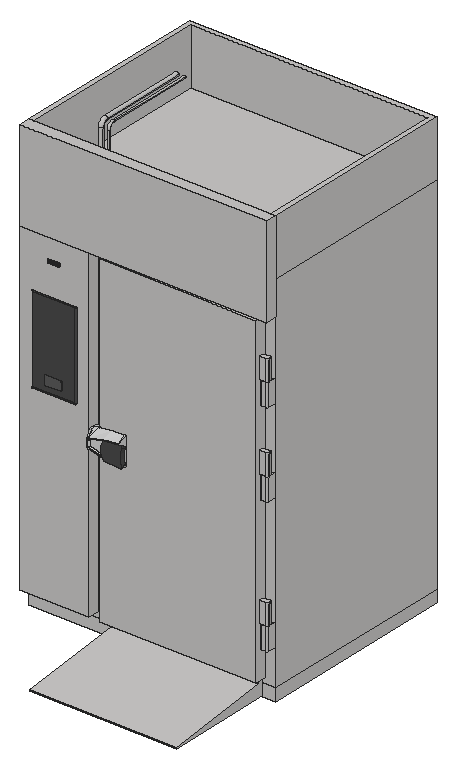
Revit family "QF_ZANUSSI_110561_ZBFA22RFE", category Specialty Equipment, Revit 2018
Family settings
  Round Connector Dimension = Use Diameter
  Part Type = Normal
  Work Plane-Based = No
  Always vertical = Yes
  Cut with Voids When Loaded = No
  Shared = Yes
  Room Calculation Point = No
Parameters
  Weight = 0.00 kg
  Watts = 209.032 W
  Volts = 380 V
  URL Manufacturer = "http://www.zanussiprofessional.com"
  URL = "http://www.zanussiprofessional.com"
  Steam Supply Size = 0"
  Steam Supply Minimum Pressure = 0.00 psi
  Steam Supply Maximum Pressure = 0.00 psi
  Steam Pounds per Hour = 0
  Show Logo [instance] = yes
  Refrigeration Suction Line Size = 0"
  Refrigeration Liquid Line Size = 0"
  Refrigerant Compressor Remote = yes
  Phase = 3
  Model = "ZBFA22RFE"
  Manufacturer = "Zanussi"
  Length Actual = 1400 mm  # constant formula
  Item Number = "110561"
  Hot Water Size = 0"
  Height Actual = 2340 mm  # constant formula
  HP = "3 HP"
  Gas Size = 0"
  Gas KW = 0
  Gas Input Pressure = 0.0 Btu/h
  Description = "RAPIDO BLAST CHILLER FREEZER 200/170KG 20 GN 2/1 - INSULATED FLOOR - RAMP - REMOTE REFIGERATING UNIT"
  Depth Actual = 1266 mm  # constant formula
  Cycle = 60 Hz
  Condensate Return Size = 0"
  Compressed Air Volume = 0 GPM
  Compressed Air Size = 0"
  Compressed Air Pressure = 0.00 psi
  Cold Water Size = 0"
  Assembly Code = ""
  Show Clearance [instance] = yes
  Accessory = yes
Reference planes
  plane 1 "BACK": y = 1
  plane 2: z = 0
  plane 3 "LEFT": x = 0
  plane 4 "RIGHT": x = 1400
  plane 5 "FRONT": y = -1205
  plane 6 "TOP": z = 2470
  plane 7 "Center Y": x = 700
  plane 8 "Center X": y = -602
  plane 9: y = -2155
Forms (mm)
  Extrusion 1, solid, material "QF_Clearance", visible <- "Show Clearance", detail levels coarse
    sketch origin (0, 0, 0) x (1, 0, 0) y (0, 1, 0)
      loop
        line (0, -1205) -> (0, 1) -> (1400, 1) -> (1400, -1205) -> (1500, -1205) -> (1500, 101) -> (-100, 101) -> (-100, -1205) -> (0, -1205)
    from 0 to 2670
  Extrusion 2, solid, material "QF_Finishes_Stainless Steel"
    sketch origin (349.253, 33, 700.991) x (-1, 0, 0) y (0, -1, 0)
      loop
        line (349.253, 1172.759) -> (349.253, 1238) -> (-39.747, 1238) -> (-39.747, 1172.759) -> (349.253, 1172.759)
    from -597 to 1254
  Extrusion 3, solid, material "QF_Finishes_Stainless Steel"
    sketch origin (596.16, 27.971, 0) x (1, 0, 0) y (0, 1, 0)
      loop
        line (743.84, -1172.971) -> (-141.16, -1172.971) -> (-141.16, -1232.971) -> (743.84, -1232.971) -> (743.84, -1172.971)
    from 103.991 to 1945.25
  Extrusion 4, solid, material "QF_Door-Drawer Clearances", visible <- "Show Clearance", detail levels coarse
    sketch origin (875, -72.029, -21.802) x (-1, 0, 0) y (0, -1, 0)
      loop
        line (-465, 2025.971) -> (-465, 1132.971) -> (420, 1132.971)
        arc (420, 1132.971) -> (153.836, 1754.227) -> (-465, 2025.971) r 920
    from 125.793 to 1967.052
  Extrusion 5, solid, material "QF_Finishes_Stainless Steel"
    sketch origin (0, 0, 0) x (0, 1, 0) y (0, 0, 1)
      loop
        line (-1158.451, 70.453) -> (-1741.451, 1.966) -> (-1741.451, 0) -> (-1158.451, 0) -> (-1158.451, 70.453)
    from 485 to 1320
  Extrusion 6, solid, material "QF_Finishes_Stainless Steel"
    sketch origin (0, 0, 0) x (0, 1, 0) y (0, 0, 1)
      loop
        line (-1139, 70) -> (-1139, 0) -> (1, 0) -> (1, 70) -> (-1139, 70)
    from 0 to 1400
  Extrusion 7, solid, material "QF_Finishes_Stainless Steel"
    sketch origin (0, -1139.759, 70) x (0, 1, 0) y (-1, 0, 0)
      loop
        line (1140.759, 0) -> (0.759, 0) -> (0.759, -1400) -> (1140.759, -1400) -> (1140.759, 0)
    from 0 to 2080
  Extrusion 8, solid, material "QF_Finishes_Stainless Steel"
    sketch origin (0, 0, 0) x (0, 1, 0) y (0, 0, 1)
      loop
        line (-1139, 2470) -> (-1205, 2470) -> (-1205, 1956) -> (-1139, 1956) -> (-1139, 2470)
    from 0 to 1400
  Extrusion 9, solid, material "QF_Finishes_Stainless Steel"
    sketch origin (0, -1139.759, 2150) x (0, 1, 0) y (-1, 0, 0)
      loop
        line (1140.759, 0) -> (0.759, 0) -> (0.759, -27.807) -> (1112.952, -27.807) -> (1112.952, -1372.193) -> (0.759, -1372.193) -> (0.759, -1400) -> (1140.759, -1400) -> (1140.759, 0)
    from 0 to 320
  Extrusion 10, solid, material "QF_Finishes_Stainless Steel"
    sketch origin (0, 0, 0) x (0, 1, 0) y (0, 0, 1)
      loop
        line (-1139, 92) -> (-1158.451, 92) -> (-1158.451, 0) -> (-1139, 0) -> (-1139, 92)
    from 485 to 1320
  Extrusion 11, solid, material "QF_Clearance", visible <- "Show Clearance", detail levels coarse
    sketch origin (0, 0, 2470) x (-1, 0, 0) y (0, -1, 0)
      loop
        line (0, 1205) -> (-1400, 1205) -> (-1400, -1) -> (0, -1) -> (0, 1205)
    from 0 to 200
  Extrusion 12, solid, material "QF_Finishes_Stainless Steel"
    sketch origin (-390.239, -0.977, 1242.559) x (1, 0, 0) y (0, 1, 0)
      loop
        line (1730.239, -1159.557) -> (1730.239, -1186.759) -> (1771.078, -1186.759)
        arc (1771.078, -1186.759) -> (1778.149, -1183.83) -> (1781.078, -1176.759) r 10
        line (1781.078, -1176.759) -> (1781.078, -1169.557)
        arc (1781.078, -1169.557) -> (1778.149, -1162.486) -> (1771.078, -1159.557) r 10
        line (1771.078, -1159.557) -> (1730.239, -1159.557)
    from 398 to 516
  Extrusion 13, solid, material "QF_Finishes_Stainless Steel"
    sketch origin (-388.989, -0.977, 1242.559) x (1, 0, 0) y (0, 1, 0)
      loop
        line (1779.828, -1138.023) -> (1738.215, -1138.023) -> (1738.215, -1176.759)
        arc (1738.215, -1176.759) -> (1741.143, -1183.83) -> (1748.215, -1186.759) r 10
        line (1748.215, -1186.759) -> (1769.828, -1186.759)
        arc (1769.828, -1186.759) -> (1776.899, -1183.83) -> (1779.828, -1176.759) r 10
        line (1779.828, -1176.759) -> (1779.828, -1138.023)
    from 269 to 396
  Extrusion 14, solid, material "QF_Finishes_Handrails and Railings"
    sketch origin (0, -1205, -69.705) x (-1, 0, 0) y (0, 0, 1)
      loop
        arc (-455, 1022.346) -> (-433.392, 1027.289) -> (-413, 1035.976) r 124.815
        arc (-413, 1035.976) -> (-402.037, 1046.425) -> (-398, 1061.023) r 28.412
        line (-398, 1061.023) -> (-398, 1124.287)
        arc (-398, 1124.287) -> (-402.037, 1138.885) -> (-413, 1149.334) r 28.412
        arc (-413, 1149.334) -> (-433.392, 1158.021) -> (-455, 1162.964) r 124.815
        line (-455, 1162.964) -> (-455, 1022.346)
    from 0 to 25
  Extrusion 15, solid, material "QF_Finishes_Stainless Steel"
    sketch origin (0, 1, 0) x (1, 0, 0) y (0, 0, 1)
      loop
        circle (50.191, 2279.706) r 10
    from -2 to 0
  Extrusion 16, solid
    sketch origin (0, 0, 0) x (1, 0, 0) y (0, 1, 0)
      loop
        circle (271, -895) r 12.7
    from 180 to 190
  Sweep 17, solid, material "QF_Finishes_Stainless Steel"
    path in 3D
      loop
        line (196, -872.727, 2160) -> (196, -872.727, 2384.785)
        arc (196, -872.727, 2384.785) -> (196, -863.94, 2405.999) -> (196, -842.727, 2414.785) r 30
        line (196, -842.727, 2414.785) -> (196, -337, 2414.785)
    profile origin (196, -589.864, 2414.785) x (-1, 0, 0) y (0, 0, 1)
      loop
        circle (0, -0.785) r 11
  Sweep 18, solid, material "QF_Finishes_Stainless Steel"
    path in 3D
      loop
        line (239, -337, 2414) -> (239, -842.727, 2414)
        arc (239, -842.727, 2414) -> (239, -863.94, 2405.213) -> (239, -872.727, 2384) r 30
        line (239, -872.727, 2384) -> (239, -872.727, 2160)
    profile origin (239, -589.864, 2414) x (1, 0, 0) y (0, 0, 1)
      loop
        circle (0, 0) r 6
  Extrusion 19, solid, material "QF_Finishes_Stainless Steel"
    sketch origin (0, -1139.759, 2150) x (0, 1, 0) y (-1, 0, 0)
      loop
        line (272.791, -163.68) -> (262.791, -163.68)
        arc (262.791, -163.68) -> (252.185, -168.074) -> (247.791, -178.68) r 15
        line (247.791, -178.68) -> (247.791, -270.358)
        arc (247.791, -270.358) -> (252.185, -280.965) -> (262.791, -285.358) r 15
        line (262.791, -285.358) -> (272.791, -285.358)
        arc (272.791, -285.358) -> (283.398, -280.965) -> (287.791, -270.358) r 15
        line (287.791, -270.358) -> (287.791, -178.68)
        arc (287.791, -178.68) -> (283.398, -168.074) -> (272.791, -163.68) r 15
    from 0 to 10
  Blend 20, solid, material "QF_Finishes_Handrails and Railings"
    base sketch origin (0, -1205, -69.705) x (1, 0, 0) y (0, 0, 1)
      loop
        arc (455, 1162.964) -> (433.392, 1158.021) -> (413, 1149.334) r 124.815
        arc (413, 1149.334) -> (402.037, 1138.885) -> (398, 1124.287) r 28.412
        line (398, 1124.287) -> (398, 1061.023)
        arc (398, 1061.023) -> (402.037, 1046.425) -> (413, 1035.976) r 28.412
        arc (413, 1035.976) -> (433.392, 1027.289) -> (455, 1022.346) r 124.815
        arc (455, 1022.346) -> (524.77, 1014.896) -> (594.859, 1011.587) r 1185.63
        arc (594.859, 1011.587) -> (600.607, 1013.879) -> (603, 1019.586) r 8
        line (603, 1019.586) -> (603, 1165.724)
        arc (603, 1165.724) -> (600.607, 1171.431) -> (594.859, 1173.723) r 8
        arc (594.859, 1173.723) -> (524.77, 1170.414) -> (455, 1162.964) r 1185.63
    top sketch origin (0, -1205, -69.705) x (1, 0, 0) y (0, 0, 1)
      loop
        line (421, 1108.337) -> (421, 1076.973)
        arc (421, 1076.973) -> (423.295, 1069.915) -> (429.302, 1065.557) r 12
        arc (429.302, 1065.557) -> (515.086, 1044.22) -> (603, 1034.974) r 636.459
        line (603, 1034.974) -> (603, 1150.336)
        arc (603, 1150.336) -> (515.086, 1141.09) -> (429.302, 1119.753) r 636.459
        arc (429.302, 1119.753) -> (423.295, 1115.395) -> (421, 1108.337) r 12
    from 0 to 50
  Blend 21, void
    base sketch origin (0, -1255, -69.705) x (-1, 0, 0) y (0, 0, 1)
      loop
        arc (-430.843, 1114.996) -> (-515.866, 1136.151) -> (-603, 1145.333) r 631.459
        line (-603, 1145.333) -> (-603, 1039.977)
        arc (-603, 1039.977) -> (-515.866, 1049.159) -> (-430.843, 1070.314) r 631.459
        arc (-430.843, 1070.314) -> (-427.339, 1072.856) -> (-426, 1076.973) r 7
        line (-426, 1076.973) -> (-426, 1108.337)
        arc (-426, 1108.337) -> (-427.339, 1112.454) -> (-430.843, 1114.996) r 7
    top sketch origin (0, -1255, -69.705) x (-1, 0, 0) y (0, 0, 1)
      loop
        arc (-432.384, 1110.24) -> (-516.647, 1131.211) -> (-603, 1140.33) r 626.459
        line (-603, 1140.33) -> (-603, 1044.98)
        arc (-603, 1044.98) -> (-516.647, 1054.099) -> (-432.384, 1075.07) r 626.459
        arc (-432.384, 1075.07) -> (-431.382, 1075.797) -> (-431, 1076.973) r 2
        line (-431, 1076.973) -> (-431, 1108.337)
        arc (-431, 1108.337) -> (-431.382, 1109.513) -> (-432.384, 1110.24) r 2
    from 0 to 10
  Blend 22, solid, material "QF_Finishes_Black"
    base sketch origin (0, -1245, -69.705) x (1, 0, 0) y (0, 0, 1)
      loop
        arc (628.567, 1043.419) -> (622.014, 1092.655) -> (628.567, 1141.89) r 188.232
        arc (628.567, 1141.89) -> (627.358, 1147.991) -> (621.77, 1150.721) r 7
        arc (621.77, 1150.721) -> (572.304, 1148.509) -> (523.16, 1142.458) r 636.459
        arc (523.16, 1142.458) -> (507.711, 1092.655) -> (523.16, 1042.852) r 88
        arc (523.16, 1042.852) -> (572.304, 1036.801) -> (621.77, 1034.589) r 636.459
        arc (621.77, 1034.589) -> (627.358, 1037.319) -> (628.567, 1043.419) r 7
    top sketch origin (0, -1245, -69.705) x (1, 0, 0) y (0, 0, 1)
      loop
        arc (626.748, 1050.703) -> (622.014, 1092.655) -> (626.748, 1134.607) r 188.232
        arc (626.748, 1134.607) -> (625.775, 1138.85) -> (621.845, 1140.722) r 5
        arc (621.845, 1140.722) -> (569.023, 1138.185) -> (516.603, 1131.203) r 626.459
        arc (516.603, 1131.203) -> (507.711, 1092.655) -> (516.603, 1054.107) r 88
        arc (516.603, 1054.107) -> (569.023, 1047.124) -> (621.845, 1044.588) r 626.459
        arc (621.845, 1044.588) -> (625.775, 1046.46) -> (626.748, 1050.703) r 5
    from 20 to 0
  Extrusion 23, solid, material "QF_Finishes_Stainless Steel"
    sketch origin (-390.239, -0.977, 762.559) x (1, 0, 0) y (0, 1, 0)
      loop
        line (1730.239, -1159.557) -> (1730.239, -1186.759) -> (1771.078, -1186.759)
        arc (1771.078, -1186.759) -> (1778.149, -1183.83) -> (1781.078, -1176.759) r 10
        line (1781.078, -1176.759) -> (1781.078, -1169.557)
        arc (1781.078, -1169.557) -> (1778.149, -1162.486) -> (1771.078, -1159.557) r 10
        line (1771.078, -1159.557) -> (1730.239, -1159.557)
    from 398 to 516
  Extrusion 24, solid, material "QF_Finishes_Stainless Steel"
    sketch origin (-388.989, -0.977, 762.559) x (1, 0, 0) y (0, 1, 0)
      loop
        line (1779.828, -1138.023) -> (1738.215, -1138.023) -> (1738.215, -1176.759)
        arc (1738.215, -1176.759) -> (1741.143, -1183.83) -> (1748.215, -1186.759) r 10
        line (1748.215, -1186.759) -> (1769.828, -1186.759)
        arc (1769.828, -1186.759) -> (1776.899, -1183.83) -> (1779.828, -1176.759) r 10
        line (1779.828, -1176.759) -> (1779.828, -1138.023)
    from 269 to 396
  Extrusion 25, solid, material "QF_Finishes_Stainless Steel"
    sketch origin (-390.239, -0.977, 2.559) x (1, 0, 0) y (0, 1, 0)
      loop
        line (1730.239, -1159.557) -> (1730.239, -1186.759) -> (1771.078, -1186.759)
        arc (1771.078, -1186.759) -> (1778.149, -1183.83) -> (1781.078, -1176.759) r 10
        line (1781.078, -1176.759) -> (1781.078, -1169.557)
        arc (1781.078, -1169.557) -> (1778.149, -1162.486) -> (1771.078, -1159.557) r 10
        line (1771.078, -1159.557) -> (1730.239, -1159.557)
    from 398 to 516
  Extrusion 26, solid, material "QF_Finishes_Stainless Steel"
    sketch origin (-388.989, -0.977, 2.559) x (1, 0, 0) y (0, 1, 0)
      loop
        line (1779.828, -1138.023) -> (1738.215, -1138.023) -> (1738.215, -1176.759)
        arc (1738.215, -1176.759) -> (1741.143, -1183.83) -> (1748.215, -1186.759) r 10
        line (1748.215, -1186.759) -> (1769.828, -1186.759)
        arc (1769.828, -1186.759) -> (1776.899, -1183.83) -> (1779.828, -1176.759) r 10
        line (1779.828, -1176.759) -> (1779.828, -1138.023)
    from 269 to 396
  Extrusion 27, solid, material "QF_Door-Drawer Clearances", visible <- "Show Clearance", detail levels coarse
    sketch origin (167.029, -1956.84, 0) x (0, 1, 0) y (-1, 0, 0)
      loop
        line (751.84, -1172.971) -> (-141.16, -1172.971) -> (-141.16, -1232.971) -> (751.84, -1232.971) -> (751.84, -1172.971)
    from 103.991 to 1945.25
  Extrusion 28, solid, material "QF_Door-Drawer Clearances", visible <- "Show Clearance", detail levels coarse
    sketch origin (1400, -2553, -69.705) x (0, -1, 0) y (0, 0, 1)
      loop
        arc (-455, 1022.346) -> (-433.392, 1027.289) -> (-413, 1035.976) r 124.815
        arc (-413, 1035.976) -> (-402.037, 1046.425) -> (-398, 1061.023) r 28.412
        line (-398, 1061.023) -> (-398, 1124.287)
        arc (-398, 1124.287) -> (-402.037, 1138.885) -> (-413, 1149.334) r 28.412
        arc (-413, 1149.334) -> (-433.392, 1158.021) -> (-455, 1162.964) r 124.815
        line (-455, 1162.964) -> (-455, 1022.346)
    from 0 to 25
  Blend 29, solid, material "QF_Door-Drawer Clearances", visible <- "Show Clearance", detail levels coarse
    base sketch origin (1400, -2553, -69.705) x (0, 1, 0) y (0, 0, 1)
      loop
        arc (455, 1162.964) -> (433.392, 1158.021) -> (413, 1149.334) r 124.815
        arc (413, 1149.334) -> (402.037, 1138.885) -> (398, 1124.287) r 28.412
        line (398, 1124.287) -> (398, 1061.023)
        arc (398, 1061.023) -> (402.037, 1046.425) -> (413, 1035.976) r 28.412
        arc (413, 1035.976) -> (433.392, 1027.289) -> (455, 1022.346) r 124.815
        arc (455, 1022.346) -> (524.77, 1014.896) -> (594.859, 1011.587) r 1185.63
        arc (594.859, 1011.587) -> (600.607, 1013.879) -> (603, 1019.586) r 8
        line (603, 1019.586) -> (603, 1165.724)
        arc (603, 1165.724) -> (600.607, 1171.431) -> (594.859, 1173.723) r 8
        arc (594.859, 1173.723) -> (524.77, 1170.414) -> (455, 1162.964) r 1185.63
    top sketch origin (1400, -2553, -69.705) x (0, 1, 0) y (0, 0, 1)
      loop
        line (421, 1108.337) -> (421, 1076.973)
        arc (421, 1076.973) -> (423.295, 1069.915) -> (429.302, 1065.557) r 12
        arc (429.302, 1065.557) -> (515.086, 1044.22) -> (603, 1034.974) r 636.459
        line (603, 1034.974) -> (603, 1150.336)
        arc (603, 1150.336) -> (515.086, 1141.09) -> (429.302, 1119.753) r 636.459
        arc (429.302, 1119.753) -> (423.295, 1115.395) -> (421, 1108.337) r 12
    from 0 to 50
  Blend 30, void
    base sketch origin (1450, -2553, -69.705) x (0, -1, 0) y (0, 0, 1)
      loop
        arc (-430.843, 1114.996) -> (-515.866, 1136.151) -> (-603, 1145.333) r 631.459
        line (-603, 1145.333) -> (-603, 1039.977)
        arc (-603, 1039.977) -> (-515.866, 1049.159) -> (-430.843, 1070.314) r 631.459
        arc (-430.843, 1070.314) -> (-427.339, 1072.856) -> (-426, 1076.973) r 7
        line (-426, 1076.973) -> (-426, 1108.337)
        arc (-426, 1108.337) -> (-427.339, 1112.454) -> (-430.843, 1114.996) r 7
    top sketch origin (1450, -2553, -69.705) x (0, -1, 0) y (0, 0, 1)
      loop
        arc (-432.384, 1110.24) -> (-516.647, 1131.211) -> (-603, 1140.33) r 626.459
        line (-603, 1140.33) -> (-603, 1044.98)
        arc (-603, 1044.98) -> (-516.647, 1054.099) -> (-432.384, 1075.07) r 626.459
        arc (-432.384, 1075.07) -> (-431.382, 1075.797) -> (-431, 1076.973) r 2
        line (-431, 1076.973) -> (-431, 1108.337)
        arc (-431, 1108.337) -> (-431.382, 1109.513) -> (-432.384, 1110.24) r 2
    from 0 to 10
  Blend 31, solid, material "QF_Door-Drawer Clearances", visible <- "Show Clearance", detail levels coarse
    base sketch origin (1440, -2553, -69.705) x (0, 1, 0) y (0, 0, 1)
      loop
        arc (628.567, 1043.419) -> (622.014, 1092.655) -> (628.567, 1141.89) r 188.232
        arc (628.567, 1141.89) -> (627.358, 1147.991) -> (621.77, 1150.721) r 7
        arc (621.77, 1150.721) -> (572.304, 1148.509) -> (523.16, 1142.458) r 636.459
        arc (523.16, 1142.458) -> (507.711, 1092.655) -> (523.16, 1042.852) r 88
        arc (523.16, 1042.852) -> (572.304, 1036.801) -> (621.77, 1034.589) r 636.459
        arc (621.77, 1034.589) -> (627.358, 1037.319) -> (628.567, 1043.419) r 7
    top sketch origin (1440, -2553, -69.705) x (0, 1, 0) y (0, 0, 1)
      loop
        arc (626.748, 1050.703) -> (622.014, 1092.655) -> (626.748, 1134.607) r 188.232
        arc (626.748, 1134.607) -> (625.775, 1138.85) -> (621.845, 1140.722) r 5
        arc (621.845, 1140.722) -> (569.023, 1138.185) -> (516.603, 1131.203) r 626.459
        arc (516.603, 1131.203) -> (507.711, 1092.655) -> (516.603, 1054.107) r 88
        arc (516.603, 1054.107) -> (569.023, 1047.124) -> (621.845, 1044.588) r 626.459
        arc (621.845, 1044.588) -> (625.775, 1046.46) -> (626.748, 1050.703) r 5
    from 20 to -1
Cuts and joins
  joined: Extrusion 1, Extrusion 11
  joined: Extrusion 5, Extrusion 10
  Blend 21 cuts Extrusion 3
  joined: Extrusion 3, Extrusion 12, Extrusion 23, Extrusion 25
  Blend 21 cuts Extrusion 7
  joined: Extrusion 7, Extrusion 13, Sweep 17, Sweep 18, Extrusion 19, Extrusion 24, Extrusion 26
  Blend 21, Blend 30 cuts Extrusion 14
  Blend 21, Blend 30 cuts Blend 20
  joined: Extrusion 14, Blend 20
  Blend 30 cuts Extrusion 4
  Blend 30 cuts Blend 29
  joined: Extrusion 4, Extrusion 27, Extrusion 28, Blend 29, Blend 31
  joined: Extrusion 9, Extrusion 15
Lines and regions (mm)
  symbolic lines, style "QF-Clearances", visible <- "Show Clearance", detail levels coarse
    curve 1: line (-100, -1204.241, 70) -> (-100, 101, 70)
    curve 2: line (-100, 101, 70) -> (1500, 101, 70)
    curve 3: line (1500, 101, 70) -> (1500, -1204.241, 70)
  symbolic lines
    curve 4: line (1320, -1205, 70) -> (1320, -1741.451, 70)
    curve 5: line (1320, -1741.451, 70) -> (485, -1741.451, 70)
    curve 6: line (485, -1741.451, 70) -> (485, -1255, 70)
    curve 13: line (185, -336.968, 70) -> (207, -336.968, 70)
    curve 14: line (207, -336.968, 70) -> (207, -871.942, 70)
    curve 15: line (233, -872.727, 70) -> (233, -337, 70)
    curve 16: line (233, -337, 70) -> (245, -337, 70)
    curve 17: line (245, -337, 70) -> (245, -872.727, 70)
    curve 18: line (245, -851.968, 70) -> (270.358, -851.968, 70)
    curve 19: arc (285.358, -866.968, 70) -> (280.965, -856.361, 70) -> (270.358, -851.968, 70) r 15
    curve 20: line (285.358, -876.968, 70) -> (285.358, -866.968, 70)
    curve 21: arc (270.358, -891.968, 70) -> (280.965, -887.575, 70) -> (285.358, -876.968, 70) r 15
    curve 22: line (178.68, -891.968, 70) -> (270.358, -891.968, 70)
    curve 23: arc (163.68, -876.968, 70) -> (168.074, -887.575, 70) -> (178.68, -891.968, 70) r 15
    curve 24: line (163.68, -866.968, 70) -> (163.68, -876.968, 70)
    curve 25: arc (178.68, -851.968, 70) -> (168.074, -856.361, 70) -> (163.68, -866.968, 70) r 15
    curve 26: arc (207, -871.942, 70) -> (196, -882.942, 70) -> (185, -871.942, 70) r 11
    curve 27: arc (233, -872.727, 70) -> (239, -878.727, 70) -> (245, -872.727, 70) r 6
    curve 28: line (178.68, -851.968, 70) -> (185, -851.968, 70)
    curve 29: line (185, -336.968, 70) -> (185, -871.942, 70)
    curve 30: line (207, -851.968, 70) -> (233, -851.968, 70)
    curve 31: line (0, 1, 70) -> (1400, 1, 70)
    curve 32: line (0, -1205, 70) -> (0, 1, 70)
    curve 33: line (1400, -1205, 70) -> (0, -1205, 70)
    curve 34: line (1400, 1, 70) -> (1400, -1205, 70)
    curve 35: line (27.807, -26.807, 70) -> (1372.193, -26.807, 70)
    curve 36: line (27.807, -1139, 70) -> (27.807, -26.807, 70)
    curve 37: line (1400, -1139, 70) -> (0, -1139, 70)
    curve 38: line (1372.193, -26.807, 70) -> (1372.193, -1139, 70)
    curve 39: line (75.5, -1210, 70) -> (313.5, -1210, 70)
    curve 40: line (75.5, -1210, 70) -> (67.5, -1205, 70)
    curve 41: line (313.5, -1210, 70) -> (321.5, -1205, 70)
    curve 42: line (421, -1255, 70) -> (398, -1205, 70)
    curve 43: line (421, -1255, 70) -> (603, -1255, 70)
    curve 44: line (603, -1255, 70) -> (603, -1205, 70)
    curve 45: line (603, -1245, 70) -> (626.748, -1245, 70)
    curve 46: line (626.748, -1245, 70) -> (628.811, -1265, 70)
    curve 47: line (628.811, -1265, 70) -> (507.711, -1265, 70)
    curve 48: line (507.711, -1265, 70) -> (507.711, -1255, 70)
  sketch lines
    curve 7: line (196, -842.727, 2414.785) -> (196, -337, 2414.785)
    curve 8: arc (196, -872.727, 2384.785) -> (196, -863.94, 2405.999) -> (196, -842.727, 2414.785) r 30
    curve 9: line (196, -872.727, 2160) -> (196, -872.727, 2384.785)
    curve 10: line (239, -337, 2414) -> (239, -842.727, 2414)
    curve 11: arc (239, -842.727, 2414) -> (239, -863.94, 2405.213) -> (239, -872.727, 2384) r 30
    curve 12: line (239, -872.727, 2384) -> (239, -872.727, 2160)
  symbolic lines, style "QF_Door-Drawer Clearances", visible <- "Show Clearance"
    curve 49: line (1450, -2132, 70) -> (1400, -2155, 70)
    curve 50: line (1450, -2132, 70) -> (1450, -1950, 70)
    curve 51: line (1450, -1950, 70) -> (1400, -1950, 70)
    curve 52: line (1439, -1950, 70) -> (1439, -1926.126, 70)
    curve 53: line (1439, -1926.126, 70) -> (1460, -1924.189, 70)
    curve 54: line (1460, -1924.189, 70) -> (1460, -2045.289, 70)
    curve 55: line (1460, -2045.289, 70) -> (1450, -2045.289, 70)
    curve 56: line (1375, -2098, 70) -> (1375, -2155, 70)
    curve 57: line (1340, -2098, 70) -> (1400, -2098, 70)
    curve 58: arc (457.796, -1255, 70) -> (739.031, -1843.801, 70) -> (1340, -2098, 70) r 920
    curve 59: line (1400, -2155, 70) -> (1375, -2155, 70)
    curve 60: line (1400, -2098, 70) -> (1400, -1205, 70)
    curve 61: line (1340, -2098, 70) -> (1340, -1205, 70)
Dimensions and locks
  plane 5 "FRONT" to plane 1 "BACK" = 1206 mm
  plane 6 "TOP" to level = 2470 mm
  plane 4 "RIGHT" to plane 3 "LEFT" = 1400 mm
  plane 3 "LEFT" to plane 4 "RIGHT" = 1400 mm
  equal spacing: plane 3 "LEFT", plane 7 "Center Y", plane 4 "RIGHT"
  equal spacing: plane 1 "BACK", plane 8 "Center X", plane 5 "FRONT"
  Extrusion 5 sketch curve to Extrusion 5 sketch curve = 583 mm
  Extrusion 4 sketch curve to plane 1 "BACK" = 2099 mm
  Extrusion 16 sketch curve to plane 1 "BACK" = 896 mm
  plane 3 "LEFT" to Extrusion 16 sketch curve = 271 mm
  angle Extrusion 5 sketch curve to Extrusion 5 sketch curve = 6.70°
  aligned and locked: level to plane 2
Automatic sketch dimensions
  plane 5 "FRONT" to Extrusion 1 sketch curve = 0 mm  (x2)
  Extrusion 1 sketch curve to plane 3 "LEFT" = 0 mm
  plane 1 "BACK" to Extrusion 1 sketch curve = 0 mm
  Extrusion 1 sketch curve to plane 4 "RIGHT" = 0 mm
  Extrusion 1 sketch curve to plane 3 "LEFT" = 100 mm
  plane 4 "RIGHT" to Extrusion 1 sketch curve = 100 mm
  Extrusion 1 sketch curve to plane 1 "BACK" = 100 mm
  plane 5 "FRONT" to Extrusion 2 sketch curve = 0 mm
  Extrusion 2 sketch curve to plane 3 "LEFT" = 0 mm
  Extrusion 2 sketch curve to plane 5 "FRONT" = 65.241 mm
  plane 5 "FRONT" to Extrusion 3 sketch curve = 0 mm
  Extrusion 3 sketch curve to plane 5 "FRONT" = 60 mm
  Extrusion 3 sketch curve to plane 4 "RIGHT" = 60 mm
  Extrusion 5 sketch curve to level = 0 mm
  level to Extrusion 5 sketch curve = 1.966 mm
  Extrusion 5 sketch curve to plane 9 = 413.549 mm
  Extrusion 6 sketch curve to level = 0 mm
  Extrusion 6 sketch curve to plane 1 "BACK" = 0 mm
  Extrusion 6 sketch curve to plane 5 "FRONT" = 66 mm
  Extrusion 6 sketch curve to Extrusion 6 sketch curve = 70 mm
  Extrusion 7 sketch curve to Extrusion 6 = 0 mm  (x3)
  Extrusion 6 to Extrusion 7 sketch curve = 0 mm
  Extrusion 8 sketch curve to plane 5 "FRONT" = 0 mm
  Extrusion 8 sketch curve to plane 6 "TOP" = 0 mm
  Extrusion 8 sketch curve to plane 5 "FRONT" = 66 mm
  Extrusion 8 sketch curve to Extrusion 8 sketch curve = 514 mm
  Extrusion 7 to Extrusion 9 sketch curve = 0 mm
  Extrusion 9 sketch curve to Extrusion 7 = 0 mm  (x4)
  Extrusion 9 sketch curve to Extrusion 7 = 27.807 mm  (x3)
  Extrusion 10 sketch curve to level = 0 mm
  Extrusion 10 sketch curve to plane 5 "FRONT" = 46.549 mm
  Extrusion 10 sketch curve to Extrusion 10 sketch curve = 19.451 mm
  Extrusion 10 sketch curve to Extrusion 10 sketch curve = 92 mm
  Extrusion 11 sketch curve to plane 4 "RIGHT" = 0 mm
  plane 1 "BACK" to Extrusion 11 sketch curve = 0 mm
  Extrusion 11 sketch curve to plane 3 "LEFT" = 0 mm
  plane 5 "FRONT" to Extrusion 11 sketch curve = 0 mm
  Extrusion 12 sketch curve to plane 5 "FRONT" = 17.264 mm
  Extrusion 12 sketch curve to plane 4 "RIGHT" = 60 mm
  Extrusion 12 sketch curve to plane 4 "RIGHT" = 19.161 mm
  Extrusion 12 sketch curve to Extrusion 12 sketch curve = 0 mm
  Extrusion 12 sketch curve to plane 4 "RIGHT" = 9.161 mm
  Extrusion 12 sketch curve to Extrusion 12 sketch curve = 7.202 mm
  Extrusion 13 sketch curve to plane 5 "FRONT" = 27.264 mm
  Extrusion 13 sketch curve to plane 4 "RIGHT" = 50.775 mm
  Extrusion 13 sketch curve to Extrusion 13 sketch curve = 10 mm
  Extrusion 13 sketch curve to plane 4 "RIGHT" = 19.161 mm
  Extrusion 13 sketch curve to plane 4 "RIGHT" = 9.161 mm
  Extrusion 13 sketch curve to Extrusion 13 sketch curve = 38.736 mm
  plane 7 "Center Y" to Extrusion 14 sketch curve = 228.081 mm
  Extrusion 14 sketch curve to Extrusion 14 sketch curve = 0 mm
  Extrusion 14 sketch curve to Extrusion 14 sketch curve = 16.919 mm
  Extrusion 14 sketch curve to Extrusion 14 sketch curve = 28.588 mm  (x2)
  Extrusion 14 sketch curve to Extrusion 14 sketch curve = 28.412 mm
  level to Extrusion 14 sketch curve = 952.641 mm
  Extrusion 14 sketch curve to Extrusion 14 sketch curve = 16.954 mm  (x2)
  Extrusion 14 sketch curve to Extrusion 14 sketch curve = 38.676 mm
  Extrusion 14 sketch curve to Extrusion 14 sketch curve = 63.265 mm
  Extrusion 14 sketch curve to Extrusion 14 sketch curve = 21.722 mm
  Sweep 17 sketch curve to profile plane = 0 mm
  Sweep 17 sketch curve to profile plane = 0.785 mm
  profile plane to Sweep 18 sketch curve = 0 mm
  Sweep 18 sketch curve to profile plane = 0 mm
  Extrusion 19 sketch curve to Extrusion 7 = 247.032 mm
  Extrusion 19 sketch curve to Extrusion 19 sketch curve = 15 mm  (x3)
  Extrusion 19 sketch curve to Extrusion 19 sketch curve = 10 mm  (x2)
  Extrusion 19 sketch curve to Extrusion 7 = 285.358 mm
  Extrusion 19 sketch curve to Extrusion 19 sketch curve = 91.678 mm
  Blend 20 sketch curve to Extrusion 14 = 0 mm  (x4)
  Blend 20 sketch curve to Extrusion 14 = 28.412 mm
  Blend 20 sketch curve to Blend 20 sketch curve = 123.081 mm  (x2)
  Blend 20 sketch curve to Blend 20 sketch curve = 8 mm
  Extrusion 14 to Blend 20 sketch curve = 160.712 mm  (x2)
  Blend 20 sketch curve to Blend 20 sketch curve = 19.715 mm  (x2)
  Blend 20 sketch curve to Blend 20 sketch curve = 38.676 mm
  Blend 20 sketch curve to Extrusion 14 = 23 mm
  Blend 20 sketch curve to Blend 20 sketch curve = 12 mm  (x2)
  Extrusion 14 to Blend 20 sketch curve = 148 mm
  Extrusion 14 to Blend 20 sketch curve = 170.45 mm  (x2)
  Blend 20 sketch curve to Blend 20 sketch curve = 520.701 mm  (x2)
  Blend 20 sketch curve to Blend 20 sketch curve = 41.999 mm
  Blend 20 sketch curve to Blend 20 sketch curve = 31.364 mm
  Blend 20 sketch curve to Blend 20 sketch curve = 115.362 mm
  Blend 20 to Blend 21 sketch curve = 0 mm  (x2)
  Blend 21 sketch curve to Blend 21 sketch curve = 7 mm
  Blend 21 sketch curve to Blend 21 sketch curve = 31.364 mm  (x2)
  Blend 21 sketch curve to Blend 21 sketch curve = 2 mm
  Blend 21 to Blend 22 sketch curve = 18.811 mm  (x2)
  Blend 22 sketch curve to Blend 21 = 7.289 mm  (x2)
  Blend 22 sketch curve to Blend 22 sketch curve = 188.435 mm
  Blend 22 sketch curve to Blend 22 sketch curve = 7 mm  (x2)
  Blend 22 sketch curve to Blend 22 sketch curve = 51.066 mm  (x2)
  Blend 22 sketch curve to Blend 22 sketch curve = 0 mm  (x6)
  Blend 22 sketch curve to Blend 21 = 79.84 mm
  Blend 21 to Blend 22 sketch curve = 18.874 mm  (x2)
  Blend 22 sketch curve to Blend 22 sketch curve = 188.371 mm
  Blend 22 sketch curve to Blend 22 sketch curve = 5 mm  (x2)
  Blend 22 sketch curve to Blend 22 sketch curve = 43.067 mm  (x2)
  Blend 22 sketch curve to Blend 21 = 85.603 mm
  Extrusion 23 sketch curve to plane 5 "FRONT" = 17.264 mm
  Extrusion 23 sketch curve to plane 4 "RIGHT" = 60 mm
  Extrusion 23 sketch curve to plane 4 "RIGHT" = 19.161 mm
  Extrusion 23 sketch curve to Extrusion 23 sketch curve = 0 mm
  Extrusion 23 sketch curve to plane 4 "RIGHT" = 9.161 mm
  Extrusion 23 sketch curve to Extrusion 23 sketch curve = 7.202 mm
  Extrusion 24 sketch curve to plane 5 "FRONT" = 27.264 mm
  Extrusion 24 sketch curve to plane 4 "RIGHT" = 50.775 mm
  Extrusion 24 sketch curve to Extrusion 24 sketch curve = 10 mm
  Extrusion 24 sketch curve to plane 4 "RIGHT" = 19.161 mm
  Extrusion 24 sketch curve to plane 4 "RIGHT" = 9.161 mm
  Extrusion 24 sketch curve to Extrusion 24 sketch curve = 38.736 mm
  Extrusion 25 sketch curve to plane 5 "FRONT" = 17.264 mm
  Extrusion 25 sketch curve to plane 4 "RIGHT" = 60 mm
  Extrusion 25 sketch curve to plane 4 "RIGHT" = 19.161 mm
  Extrusion 25 sketch curve to Extrusion 25 sketch curve = 0 mm
  Extrusion 25 sketch curve to plane 4 "RIGHT" = 9.161 mm
  Extrusion 25 sketch curve to Extrusion 25 sketch curve = 7.202 mm
  Extrusion 26 sketch curve to plane 5 "FRONT" = 27.264 mm
  Extrusion 26 sketch curve to plane 4 "RIGHT" = 50.775 mm
  Extrusion 26 sketch curve to Extrusion 26 sketch curve = 10 mm
  Extrusion 26 sketch curve to plane 4 "RIGHT" = 19.161 mm
  Extrusion 26 sketch curve to plane 4 "RIGHT" = 9.161 mm
  Extrusion 26 sketch curve to Extrusion 26 sketch curve = 38.736 mm
  Extrusion 27 sketch curve to plane 9 = 57 mm
  plane 5 "FRONT" to Extrusion 27 sketch curve = 0 mm
  Extrusion 27 sketch curve to plane 7 "Center Y" = 700 mm
  Extrusion 27 sketch curve to Extrusion 27 sketch curve = 60 mm
  Extrusion 28 sketch curve to plane 9 = 73.919 mm
  Extrusion 28 sketch curve to Extrusion 28 sketch curve = 0 mm
  Extrusion 28 sketch curve to Extrusion 28 sketch curve = 16.919 mm
  Extrusion 28 sketch curve to Extrusion 28 sketch curve = 28.588 mm  (x2)
  Extrusion 28 sketch curve to Extrusion 28 sketch curve = 28.412 mm
  level to Extrusion 28 sketch curve = 952.641 mm
  Extrusion 28 sketch curve to Extrusion 28 sketch curve = 16.954 mm  (x2)
  Extrusion 28 sketch curve to Extrusion 28 sketch curve = 38.676 mm
  Extrusion 28 sketch curve to Extrusion 28 sketch curve = 63.265 mm
  Extrusion 28 sketch curve to Extrusion 28 sketch curve = 21.722 mm
  Blend 29 sketch curve to Extrusion 28 = 0 mm  (x4)
  Blend 29 sketch curve to Extrusion 28 = 28.412 mm
  Blend 29 sketch curve to Blend 29 sketch curve = 123.081 mm  (x2)
  Blend 29 sketch curve to Blend 29 sketch curve = 8 mm
  Extrusion 28 to Blend 29 sketch curve = 160.712 mm  (x2)
  Blend 29 sketch curve to Blend 29 sketch curve = 19.715 mm  (x2)
  Blend 29 sketch curve to Blend 29 sketch curve = 38.676 mm
  Blend 29 sketch curve to Extrusion 28 = 23 mm
  Blend 29 sketch curve to Blend 29 sketch curve = 12 mm  (x2)
  Extrusion 28 to Blend 29 sketch curve = 148 mm
  Extrusion 28 to Blend 29 sketch curve = 170.45 mm  (x2)
  Blend 29 sketch curve to Blend 29 sketch curve = 520.701 mm  (x2)
  Blend 29 sketch curve to Blend 29 sketch curve = 41.999 mm
  Blend 29 sketch curve to Blend 29 sketch curve = 31.364 mm
  Blend 29 sketch curve to Blend 29 sketch curve = 115.362 mm
  Blend 30 sketch curve to Blend 29 = 0 mm  (x2)
  Blend 30 sketch curve to Blend 30 sketch curve = 7 mm
  Blend 30 sketch curve to Blend 30 sketch curve = 31.364 mm  (x2)
  Blend 30 sketch curve to Blend 30 sketch curve = 2 mm
  Blend 30 to Blend 31 sketch curve = 18.811 mm  (x2)
  Blend 31 sketch curve to Blend 30 = 7.289 mm  (x2)
  Blend 31 sketch curve to Blend 31 sketch curve = 188.435 mm
  Blend 31 sketch curve to Blend 31 sketch curve = 7 mm  (x2)
  Blend 31 sketch curve to Blend 31 sketch curve = 51.066 mm  (x2)
  Blend 31 sketch curve to Blend 31 sketch curve = 0 mm  (x6)
  Blend 31 sketch curve to Blend 30 = 79.84 mm
  Blend 30 to Blend 31 sketch curve = 18.874 mm  (x2)
  Blend 31 sketch curve to Blend 31 sketch curve = 188.371 mm
  Blend 31 sketch curve to Blend 31 sketch curve = 5 mm  (x2)
  Blend 31 sketch curve to Blend 31 sketch curve = 43.067 mm  (x2)
  Blend 31 sketch curve to Blend 30 = 85.603 mm
  plane 5 "FRONT" to Extrusion 4 sketch curve = 0 mm
  Extrusion 4 sketch curve to plane 4 "RIGHT" = 60 mm
  Extrusion 4 sketch curve to Extrusion 4 sketch curve = 34.623 mm
  Extrusion 4 sketch curve to plane 5 "FRONT" = 26.348 mm
  plane 3 "LEFT" to Extrusion 15 sketch curve = 50.191 mm
  Extrusion 15 sketch curve to plane 6 "TOP" = 190.294 mm
  plane 7 "Center Y" to Extrusion 2 sketch curve = 311 mm
  plane 7 "Center Y" to Extrusion 3 sketch curve = 245 mm
  curve 49 to Extrusion 6 = 0 mm
  curve 51 to Extrusion 6 = 0 mm
  curve 33 to Extrusion 6 = 0 mm
  curve 31 to Extrusion 6 = 0 mm
  Extrusion 6 to curve 36 = 27.807 mm  (x2)
  Extrusion 6 to curve 13 = 337.968 mm
  curve 15 to curve 13 = 0.032 mm
  curve 28 to Extrusion 6 = 287.032 mm
  curve 28 to curve 18 = 0 mm
  curve 19 to curve 18 = 15 mm
  curve 25 to curve 25 = 15 mm
  curve 29 to curve 25 = 4.974 mm
  curve 17 to curve 18 = 20.759 mm
  curve 24 to curve 25 = 10 mm
  curve 21 to curve 19 = 10 mm
  curve 22 to curve 21 = 15 mm
  Extrusion 6 to curve 58 = 39.652 mm
  Extrusion 6 to curve 32 = 66 mm
  curve 41 to curve 41 = 5 mm
  curve 46 to curve 44 = 40 mm
  curve 42 to curve 42 = 50 mm
  curve 46 to curve 45 = 20 mm
  Extrusion 6 to curve 4 = 80 mm
  curve 4 to curve 4 = 536.451 mm
  curve 53 to Extrusion 6 = 60 mm
  curve 53 to curve 4 = 182.738 mm
  curve 53 to Extrusion 6 = 39 mm
  curve 53 to curve 53 = 1.937 mm
  curve 51 to curve 52 = 23.874 mm
  curve 55 to curve 50 = 95.289 mm
  Extrusion 6 to curve 57 = 60 mm
  curve 57 to curve 55 = 52.711 mm
  curve 50 to curve 57 = 34 mm
  Extrusion 6 to curve 56 = 25 mm
  curve 56 to curve 56 = 57 mm
  curve 2 to Extrusion 6 = 100 mm  (x2)
  curve 50 to curve 52 = 11 mm
  Extrusion 6 to curve 58 = 25.377 mm
  Extrusion 6 to curve 38 = 27.807 mm
  curve 47 to curve 58 = 171.015 mm
  curve 46 to curve 45 = 2.062 mm
  curve 45 to curve 44 = 23.748 mm
  curve 48 to curve 58 = 49.915 mm
  curve 47 to curve 6 = 22.711 mm
  curve 58 to curve 43 = 36.796 mm
  curve 42 to curve 41 = 107.5 mm
  Extrusion 6 to curve 20 = 285.358 mm
  curve 21 to curve 17 = 25.358 mm
  curve 17 to curve 27 = 6 mm
  curve 15 to curve 13 = 26 mm
  curve 14 to curve 26 = 11 mm
  curve 28 to curve 28 = 6.32 mm
  Extrusion 6 to curve 40 = 75.5 mm
  curve 1 to Extrusion 6 = 100 mm
  curve 30 to curve 18 = 0 mm
  Extrusion 6 to curve 36 = 0 mm
  Extrusion 6 to curve 1 = 65.241 mm
  Extrusion 6 to curve 3 = 65.241 mm
  curve 42 to curve 42 = 23 mm
  curve 41 to curve 39 = 8 mm
  curve 39 to curve 40 = 8 mm
  radius of Extrusion 16 sketch curve = 12.7 mm
  radius of Sweep 17 sketch curve = 11 mm
  radius of Sweep 18 sketch curve = 6 mm
  radius of Blend 20 sketch curve to Extrusion 14 = 0 mm  (x3)
  radius of Blend 21 sketch curve to Blend 20 = 5 mm  (x3)
  radius of Blend 21 sketch curve to Blend 20 = 10 mm  (x3)
  radius of Blend 21 to Blend 22 sketch curve = 10 mm  (x2)
  radius of Blend 22 sketch curve to Blend 21 = 0 mm  (x2)
  radius of Blend 29 sketch curve to Extrusion 28 = 0 mm  (x3)
  radius of Blend 30 sketch curve to Blend 29 = 5 mm  (x3)
  radius of Blend 30 sketch curve to Blend 29 = 10 mm  (x3)
  radius of Blend 30 to Blend 31 sketch curve = 10 mm  (x2)
  radius of Blend 31 sketch curve to Blend 30 = 0 mm  (x2)
  radius of Extrusion 15 sketch curve = 10 mm
Nested families
  nested 1: "ZAN_Touch" at (194.5, -1205, 1408.103) x (1, 0, 0) z (0, -1, 0), type "ZAN_Touch"
  nested 2: "ZAN_Logo_XS" at (194.5, -1205, 1834.991) x (1, 0, 0) z (0, -1, 0), visible <- "Show Logo", type "ZAN_Logo_XS"
Connectors
  piping at (271, -895, 180), diameter 25.4
    settings: on Extrusion 16, index 1, connector inside diameter 24", connector length 0 mm, flow factor 0, pipe flow 0 GPM, pressure drop 0.00 psi, fitting loss kfactor 0, connector angle 0.00°, fixture units 0, engagement length 0 mm, angle of deflection 0.00°, flow configuration 1, flow direction 1, fitting loss method 0, system type 16, joint type 0, gender type 0, connector reference index -1, connector utility 0, adjustable connector no, is connector primary yes, connector description "Drain"
  electrical at (50.191, 3, 2279.706), driven by "Volts"
    settings: on Extrusion 15, index 2, voltage 380 V, apparent load 0 VA, apparent load phase1 0 VA, apparent load phase2 0 VA, apparent load phase3 0 VA, power factor 1, load classification "Altro", number of poles 1, system type 30, power factor state 1, is connector primary yes, connector utility no, sub classification motor no, connector description "Electrical Connection"
  piping at (239, -337, 2414), diameter 12
    settings: on Sweep 18, index 3, connector inside diameter 24", connector length 0 mm, flow factor 0, pipe flow 0 GPM, pressure drop 0.00 psi, fitting loss kfactor 0, connector angle 0.00°, fixture units 0, engagement length 0 mm, angle of deflection 0.00°, flow configuration 1, flow direction 1, fitting loss method 0, system type 8, joint type 0, gender type 0, connector reference index -1, connector utility 0, adjustable connector no, is connector primary no, connector description "Refrigerant Outlet"
  piping at (196, -337, 2414), diameter 22
    settings: on Sweep 17, index 4, connector inside diameter 24", connector length 0 mm, flow factor 0, pipe flow 0 GPM, pressure drop 0.00 psi, fitting loss kfactor 0, connector angle 0.00°, fixture units 0, engagement length 0 mm, angle of deflection 0.00°, flow configuration 1, flow direction 1, fitting loss method 0, system type 7, joint type 0, gender type 0, connector reference index -1, connector utility 0, adjustable connector no, is connector primary no, connector description "Refrigerant Inlet"
Definition of nested family "ZAN_Touch"
  Parameters
    Default Elevation = 1219.2 mm
  Reference planes
    plane 1 "Centro (Fronte/Retro)": y = 0
    plane 2: z = 0
    plane 3 "Centro (Sinistra/Destra)": x = 0
  Forms (mm)
    Extrusion 1, solid
      sketch origin (0, 0, 0) x (1, 0, 0) y (0, 1, 0)
        loop
          line (-1219.2, 1219.2) -> (-1219.2, -1219.2) -> (1219.2, -1219.2) -> (1219.2, 1219.2) -> (-1219.2, 1219.2)
      from 0 to -304.8
    Extrusion 2, solid
      sketch origin (0, 0, 5) x (1, 0, 0) y (0, 1, 0)
        loop
          line (-47, -160) -> (-47, -202)
          arc (-47, -202) -> (-45.536, -205.535) -> (-42, -207) r 5
          line (-42, -207) -> (42, -207)
          arc (42, -207) -> (45.536, -205.535) -> (47, -202) r 5
          line (47, -202) -> (47, -160)
          arc (47, -160) -> (45.536, -156.465) -> (42, -155) r 5
          line (42, -155) -> (-42, -155)
          arc (-42, -155) -> (-45.536, -156.465) -> (-47, -160) r 5
      from 0 to 2
    Blend 3, solid
      base sketch origin (0, 0, 0) x (1, 0, 0) y (0, 1, 0)
        loop
          line (-127, 244) -> (-127, -244)
          arc (-127, -244) -> (-125.536, -247.536) -> (-122, -249) r 5
          line (-122, -249) -> (122, -249)
          arc (122, -249) -> (125.536, -247.536) -> (127, -244) r 5
          line (127, -244) -> (127, 244)
          arc (127, 244) -> (125.536, 247.536) -> (122, 249) r 5
          line (122, 249) -> (-122, 249)
          arc (-122, 249) -> (-125.536, 247.536) -> (-127, 244) r 5
      top sketch origin (0, 0, 0) x (1, 0, 0) y (0, 1, 0)
        loop
          line (-119, -241) -> (119, -241) -> (119, 241) -> (-119, 241) -> (-119, -241)
      from 0 to 5
  Lines and regions (mm)
    Split face 1
      outline origin (0, 0, 5) x (1, 0, 0) y (0, 1, 0)
        loop
          line (-70.506, 46.167) -> (70.506, 46.167) -> (70.506, 214.829) -> (-70.506, 214.829) -> (-70.506, 46.167)
    Split face 2
      outline origin (0, 0, 5) x (1, 0, 0) y (0, 1, 0)
        loop
          line (-47.467, 50.825) -> (47.467, 50.825) -> (47.467, 210.171) -> (-47.467, 210.171) -> (-47.467, 50.825)
    Split face 3
      outline origin (0, 0, 5) x (1, 0, 0) y (0, 1, 0)
        loop
          line (116.89, 241) -> (114.093, 80.78)
          arc (114.093, 80.78) -> (111.629, 50.696) -> (105.329, 21.176) r 235
          arc (105.329, 21.176) -> (102.404, 0) -> (105.329, -21.176) r 78.117
          arc (105.329, -21.176) -> (111.629, -50.696) -> (114.093, -80.78) r 235
          line (114.093, -80.78) -> (116.89, -241)
  Dimensions and locks
    aligned and locked: plane 2 to Extrusion 1
    aligned and locked: level to Extrusion 1
Definition of nested family "ZAN_Logo_XS"
  Parameters
    Default Elevation = 0 mm
    M [instance] = none
  Reference planes
    plane 1 "Centro (Fronte/Retro)": y = 0
    plane 2: z = 0
    plane 3 "Centro (Sinistra/Destra)": x = 0
  Forms (mm)
    Extrusion 1, solid
      sketch origin (0, 0, 0) x (1, 0, 0) y (0, 1, 0)
        loop
          line (-1219.2, 1219.2) -> (-1219.2, -1219.2) -> (1219.2, -1219.2) -> (1219.2, 1219.2) -> (-1219.2, 1219.2)
      from 0 to -304.8
    Extrusion 2, solid, material <- "M"
      sketch origin (17.793, -46.218, 0) x (-1, 0, 0) y (0, -1, 0)
        loop
          spline (1.911, -54.793) -> (2.402, -54.973) -> (2.91, -55.105) -> (3.43, -55.191) -> (3.955, -55.229) -> (4.482, -55.219) -> (5.006, -55.161) -> (5.521, -55.054) -> (6.022, -54.898) -> (6.506, -54.693) -> (6.966, -54.438) -> (7.398, -54.133) -> (7.797, -53.778)
          spline (7.797, -53.778) -> (8.033, -53.407) -> (8.237, -53.008) -> (8.407, -52.586) -> (8.544, -52.147) -> (8.65, -51.697) -> (8.723, -51.241) -> (8.764, -50.785) -> (8.774, -50.335) -> (8.753, -49.897) -> (8.701, -49.475) -> (8.619, -49.075) -> (8.507, -48.704)
          line (8.507, -48.704) -> (6.883, -46.37) -> (5.158, -44.848) -> (3.027, -42.716)
          spline (3.027, -42.716) -> (3.002, -42.56) -> (2.979, -42.398) -> (2.962, -42.23) -> (2.952, -42.059) -> (2.951, -41.886) -> (2.963, -41.714) -> (2.99, -41.545) -> (3.034, -41.378) -> (3.098, -41.218) -> (3.184, -41.065) -> (3.295, -40.921) -> (3.433, -40.788)
          line (3.433, -40.788) -> (4.752, -40.687)
          spline (4.752, -40.687) -> (4.999, -40.855) -> (5.185, -41.053) -> (5.32, -41.275) -> (5.41, -41.518) -> (5.463, -41.775) -> (5.488, -42.044) -> (5.491, -42.319) -> (5.481, -42.596) -> (5.466, -42.87) -> (5.452, -43.137) -> (5.448, -43.392) -> (5.462, -43.63)
          line (5.462, -43.63) -> (9.014, -43.63)
          spline (9.014, -43.63) -> (9.056, -43.199) -> (9.08, -42.769) -> (9.084, -42.342) -> (9.067, -41.92) -> (9.027, -41.503) -> (8.964, -41.093) -> (8.875, -40.691) -> (8.759, -40.3) -> (8.615, -39.919) -> (8.441, -39.552) -> (8.237, -39.198) -> (7.999, -38.86)
          spline (7.999, -38.86) -> (7.708, -38.596) -> (7.394, -38.361) -> (7.059, -38.155) -> (6.707, -37.977) -> (6.338, -37.828) -> (5.957, -37.706) -> (5.565, -37.612) -> (5.165, -37.545) -> (4.76, -37.504) -> (4.351, -37.491) -> (3.942, -37.503) -> (3.534, -37.541)
          spline (3.534, -37.541) -> (3.104, -37.608) -> (2.677, -37.709) -> (2.258, -37.842) -> (1.85, -38.007) -> (1.459, -38.203) -> (1.086, -38.429) -> (0.737, -38.685) -> (0.415, -38.969) -> (0.123, -39.282) -> (-0.133, -39.622) -> (-0.35, -39.989) -> (-0.525, -40.383)
          spline (-0.525, -40.383) -> (-0.633, -40.866) -> (-0.704, -41.352) -> (-0.738, -41.837) -> (-0.736, -42.318) -> (-0.698, -42.794) -> (-0.627, -43.262) -> (-0.521, -43.719) -> (-0.382, -44.164) -> (-0.211, -44.592) -> (-0.008, -45.003) -> (0.226, -45.394) -> (0.49, -45.761)
          line (0.49, -45.761) -> (4.549, -49.414) -> (5.056, -50.023) -> (5.259, -51.647) -> (4.042, -52.256) -> (3.027, -51.546) -> (2.925, -49.414) -> (-0.424, -49.414) -> (-0.22, -52.865)
          spline (-0.22, -52.865) -> (-0.13, -53.068) -> (-0.013, -53.268) -> (0.127, -53.466) -> (0.287, -53.658) -> (0.464, -53.843) -> (0.655, -54.019) -> (0.856, -54.185) -> (1.065, -54.338) -> (1.278, -54.478) -> (1.492, -54.601) -> (1.704, -54.707) -> (1.911, -54.793)
        loop
          spline (-10.267, -52.966) -> (-9.987, -53.421) -> (-9.658, -53.822) -> (-9.284, -54.17) -> (-8.873, -54.466) -> (-8.429, -54.711) -> (-7.959, -54.907) -> (-7.467, -55.054) -> (-6.96, -55.154) -> (-6.443, -55.207) -> (-5.922, -55.214) -> (-5.402, -55.178) -> (-4.889, -55.098)
          spline (-4.889, -55.098) -> (-4.532, -55.03) -> (-4.176, -54.93) -> (-3.825, -54.799) -> (-3.483, -54.639) -> (-3.156, -54.45) -> (-2.847, -54.235) -> (-2.561, -53.994) -> (-2.303, -53.729) -> (-2.077, -53.442) -> (-1.889, -53.134) -> (-1.742, -52.805) -> (-1.641, -52.459)
          spline (-1.641, -52.459) -> (-1.485, -51.997) -> (-1.371, -51.525) -> (-1.299, -51.049) -> (-1.269, -50.572) -> (-1.282, -50.098) -> (-1.337, -49.63) -> (-1.434, -49.173) -> (-1.574, -48.73) -> (-1.756, -48.306) -> (-1.98, -47.904) -> (-2.246, -47.528) -> (-2.555, -47.182)
          line (-2.555, -47.182) -> (-6.31, -43.833) -> (-7.121, -42.615)
          spline (-7.121, -42.615) -> (-7.146, -42.461) -> (-7.169, -42.304) -> (-7.188, -42.144) -> (-7.2, -41.984) -> (-7.204, -41.823) -> (-7.198, -41.664) -> (-7.178, -41.506) -> (-7.144, -41.352) -> (-7.093, -41.202) -> (-7.023, -41.058) -> (-6.932, -40.919) -> (-6.817, -40.788)
          line (-6.817, -40.788) -> (-5.802, -40.585)
          spline (-5.802, -40.585) -> (-5.443, -40.671) -> (-5.17, -40.818) -> (-4.971, -41.02) -> (-4.836, -41.266) -> (-4.753, -41.547) -> (-4.711, -41.854) -> (-4.699, -42.178) -> (-4.705, -42.51) -> (-4.718, -42.84) -> (-4.726, -43.16) -> (-4.719, -43.46) -> (-4.686, -43.731)
          line (-4.686, -43.731) -> (-1.134, -43.63)
          spline (-1.134, -43.63) -> (-1.09, -43.193) -> (-1.063, -42.747) -> (-1.055, -42.296) -> (-1.07, -41.845) -> (-1.112, -41.396) -> (-1.185, -40.953) -> (-1.291, -40.522) -> (-1.435, -40.104) -> (-1.619, -39.705) -> (-1.848, -39.329) -> (-2.125, -38.978) -> (-2.453, -38.657)
          spline (-2.453, -38.657) -> (-2.873, -38.351) -> (-3.319, -38.09) -> (-3.785, -37.876) -> (-4.269, -37.706) -> (-4.765, -37.582) -> (-5.269, -37.503) -> (-5.778, -37.468) -> (-6.287, -37.477) -> (-6.792, -37.53) -> (-7.288, -37.626) -> (-7.771, -37.765) -> (-8.238, -37.947)
          spline (-8.238, -37.947) -> (-8.443, -38.033) -> (-8.65, -38.14) -> (-8.858, -38.264) -> (-9.065, -38.405) -> (-9.269, -38.562) -> (-9.468, -38.733) -> (-9.661, -38.917) -> (-9.846, -39.112) -> (-10.022, -39.317) -> (-10.185, -39.53) -> (-10.335, -39.751) -> (-10.47, -39.977)
          spline (-10.47, -39.977) -> (-10.65, -40.464) -> (-10.783, -40.962) -> (-10.87, -41.467) -> (-10.91, -41.976) -> (-10.904, -42.487) -> (-10.851, -42.996) -> (-10.752, -43.501) -> (-10.606, -43.998) -> (-10.413, -44.486) -> (-10.174, -44.961) -> (-9.889, -45.421) -> (-9.557, -45.863)
          line (-9.557, -45.863) -> (-5.295, -49.719) -> (-4.787, -51.038) -> (-5.193, -52.053) -> (-6.107, -52.256) -> (-7.121, -51.546) -> (-7.223, -49.516) -> (-10.673, -49.414)
          spline (-10.673, -49.414) -> (-10.656, -49.721) -> (-10.65, -50.03) -> (-10.653, -50.341) -> (-10.658, -50.651) -> (-10.662, -50.96) -> (-10.661, -51.267) -> (-10.648, -51.569) -> (-10.621, -51.865) -> (-10.573, -52.154) -> (-10.502, -52.435) -> (-10.401, -52.706) -> (-10.267, -52.966)
        loop
          line (-11.282, -37.541) -> (-14.834, -37.541) -> (-14.834, -54.894) -> (-11.282, -54.894) -> (-11.282, -37.541)
        loop
          line (15.205, -41.702) -> (15.205, -54.894) -> (18.757, -54.894) -> (18.757, -43.224) -> (18.554, -40.383)
          arc (18.554, -40.383) -> (17.093, -38.328) -> (14.698, -37.541) r 4.037
          line (14.698, -37.541) -> (13.074, -37.541) -> (12.262, -37.744)
          arc (12.262, -37.744) -> (10.306, -39.004) -> (9.522, -41.194) r 3.619
          line (9.522, -41.194) -> (9.522, -54.894) -> (13.074, -54.894) -> (13.074, -42.006) -> (13.479, -41.093) -> (14.596, -40.991) -> (15.205, -41.702)
        loop
          line (19.569, -54.894) -> (22.816, -54.894) -> (22.816, -43.833) -> (25.759, -54.894) -> (29.514, -54.894) -> (29.514, -37.541) -> (26.368, -37.541) -> (26.368, -49.008) -> (23.425, -37.541) -> (19.569, -37.541) -> (19.569, -54.894)
        loop
          line (41.184, -54.894) -> (50.013, -54.894) -> (50.013, -51.647) -> (45.345, -51.749) -> (50.419, -41.093) -> (50.419, -37.541) -> (41.184, -37.541) -> (41.184, -41.093) -> (46.511, -41.093) -> (41.184, -51.952) -> (41.184, -54.894)
        loop
          line (32.964, -54.894) -> (37.835, -54.894) -> (40.981, -37.541) -> (37.328, -37.541) -> (36.821, -40.89) -> (33.878, -40.89) -> (33.37, -37.541) -> (29.717, -37.541) -> (32.964, -54.894)
        loop
          line (36.415, -44.036) -> (34.385, -44.036) -> (35.4, -51.928) -> (36.415, -44.036)
      from 0 to 1.644
  Dimensions and locks
    aligned and locked: plane 2 to Extrusion 1
    aligned and locked: level to Extrusion 1
